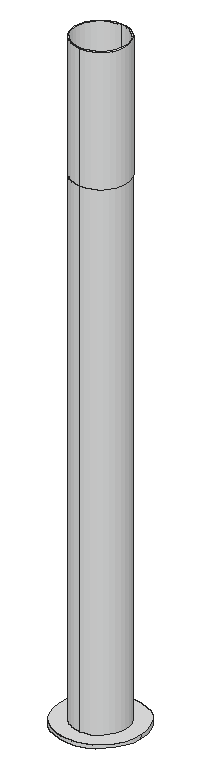
Revit family "Lighting-Surface-Amerlux-Finch-FIN12-SMA", category Lighting Fixtures, host Face, Revit 2020
Family settings
  Host = Face
  Round Connector Dimension = Use Diameter
  Part Type = Normal
  Cut with Voids When Loaded = No
  Light Source = Yes
  Shared = No
  Room Calculation Point = No
Parameters (values of type "FIN12-SMF")
  Wattage = 9.2903 W
  built-in parameter 1150110 = 1 (stored number, unit not read)
  Voltage = 0 V
  Uplight [instance] = yes
  URL = "http://www.amerlux.com/"
  built-in parameter 1114217 = 1 (stored number, unit not read)
  Tilt Angle = -90.00°
  built-in parameter 1150109 = 1 (stored number, unit not read)
  built-in parameter 1150134 = 3
  built-in parameter 1150113 = 1 (stored number, unit not read)
  Power Factor = 1
  Photometric Web File = "Load File"
  Number of Poles = 1
  built-in parameter 1150142 = (empty or 0)
  Model = "Finch"
  Manufacturer = "Amerlux"
  built-in parameter 1150105 = 109.82 (stored number, unit not read)
  Lumens = 1380 lm
  built-in parameter 1150115 = 1 (stored number, unit not read)
  built-in parameter 1150137 = (empty or 0)
  built-in parameter 1150139 = (empty or 0)
  built-in parameter 1150112 = 1 (stored number, unit not read)
  built-in parameter 1150114 = 1 (stored number, unit not read)
  built-in parameter 1150132 = (empty or 0)
  built-in parameter 1150102 = (empty or 0)
  built-in parameter 1150107 = 3200 (stored number, unit not read)
  built-in parameter 1150138 = (empty or 0)
  built-in parameter 1150106 = 1.0982 (stored number, unit not read)
  Fixture Length = 1' - 0"
  Fixture Finish = Aluminum Finish
  Fixture Angle [instance] = 90.00°
  Emit from Circle Diameter = 0' - 1 1/4"
  Emit Shape Visible in Rendering = no
  built-in parameter 1150104 = 13.8 (stored number, unit not read)
  Dimming Lamp Color Temperature Shift = <None>
  Description = "Surface Mount"
  Default Elevation = 4' - 0"
  Color Filter = 16777215
  built-in parameter 1114218 = 1 (stored number, unit not read)
  built-in parameter 1150133 = 10 (stored number, unit not read)
  Apparent Load = 0 VA
Reference planes (in)
  plane 1 "Center (Front/Back)": y = 0
  plane 2: z = 0
  plane 3 "Center (Left/Right)": x = 0
  plane 4: z = 0
  plane 5: z = 12
  plane 6: y = 3
  plane 7: y = -3
  plane 8: x = -1.73065
  plane 9: x = 1.73065
  plane 10: z = 0.4375
Forms (in)
  Extrusion 1, solid, material "Aluminum Finish"
    sketch origin (0, 0, -16.41762) x (0, 1, 0) y (-1, 0, 0)
      loop
        circle (0, 0) r 0.625
    from 16.5 to 28.41762
  Extrusion 2, solid, material "Aluminum Finish"
    sketch origin (0, 0, 0) x (1, 0, 0) y (0, 1, 0)
      loop
        circle (0, 0) r 1
    from 0 to 0.08238
Lines and regions (in)
  reference lines
    curve 1: line (0, 0, 12) -> (0, 0, 17.18388)
Dimensions and locks (in)
  plane 4 to host face = 0' - 0"
  equal spacing: plane 6, plane 1 "Center (Front/Back)", plane 7
  locked: plane 6 to plane 7 at 6
  "Fixture Length": plane 5 to host face
  diameter of Extrusion 1 sketch curve = 0' - 1 1/4"
  "Fixture Angle": angle plane 5 to curve 1
  "Fixture Angle": angle plane 5 to nested 1
  aligned and locked: plane 2 to host face
  aligned and locked: level to host face
  aligned and locked: plane 3 "Center (Left/Right)" to imposter light
  aligned and locked: plane 5 to Extrusion 1
  aligned and locked: plane 1 "Center (Front/Back)" to curve 1
  aligned and locked: plane 5 to curve 1
  aligned and locked: nested 1 to curve 1
Automatic sketch dimensions
  host sketch curve to host sketch curve = 8' - 0"  (x2)
  plane 1 "Center (Front/Back)" to Extrusion 2 sketch curve = 0' - 0"
  Extrusion 2 sketch curve to plane 3 "Center (Left/Right)" = 0' - 0"
  plane 1 "Center (Front/Back)" to Extrusion 1 sketch curve = 0' - 0"
  Extrusion 1 sketch curve to plane 3 "Center (Left/Right)" = 0' - 0"
  radius of Extrusion 2 sketch curve = 0' - 1"
Nested families (in)
  nested 1: "Family1" at (0, 0, 13.49699) x (0, 1, 0) z (1, 0, 0), type "Family1"
Connectors (in)
  electrical at (0, 0, 0), driven by "Number of Poles", driven by "Voltage", driven by "Power Factor"
    settings: on Extrusion 2, index 1, voltage 0 V, apparent load 0 VA, apparent load phase1 0 VA, apparent load phase2 0 VA, apparent load phase3 0 VA, power factor 1, load classification "Other", number of poles 1, system type 31, power factor state 1, is connector primary yes, connector utility no, sub classification motor no, connector description ""
Definition of nested family "Family1"
  Parameters
    Material = none
    Default Elevation = 4' - 0"
  Reference planes (in)
    plane 1 "Center (Front/Back)": y = 0
    plane 2: z = 0
    plane 3 "Center (Left/Right)": x = 0
  Forms (in)
    Extrusion 1, solid
      sketch origin (0, 0, 0) x (1, 0, 0) y (0, 1, 0)
        loop
          line (-48, 48) -> (-48, -48) -> (48, -48) -> (48, 48) -> (-48, 48)
      from 0 to -12
    Extrusion 2, solid, material <- "Material"
      sketch origin (0, 0.01599, 0.00763) x (1, 0, 0) y (0, 0, -1)
        loop
          circle (0, 0) r 0.625
        loop
          circle (0, 0) r 0.60579
      from -1.51299 to 1.48701
  Dimensions and locks (in)
    Extrusion 2 to Extrusion 2 = 0' - 3"
    aligned and locked: plane 2 to Extrusion 1
    aligned and locked: level to Extrusion 1
